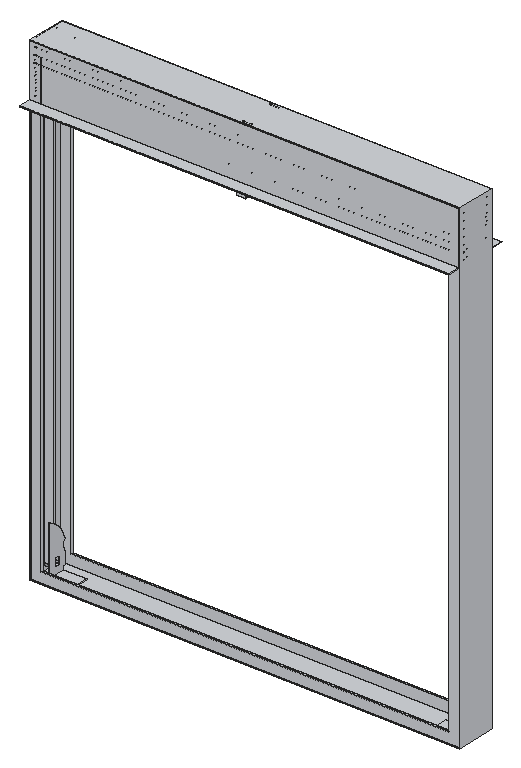
Revit family "FDD-BSL", category Mechanical Equipment, Revit 2015
Parameters
  URL = "https://unitedenertech.com/catalog/pdf/A-17%20%20FDD-BSL.pdf"
  Type Comments = "Max. Sizes are (Vertical 72\"w x 32\"h) (Horizontal 36\"w x 32\"h)"
  Model = "FDD-BSL"
  Manufacturer = "United Enertech Corporation"
  Keynote = "Vertical Mount Shown, Consult Factory for Horizontal Mount Models."
  Exact Width = 2' - 0"
  EFL Height [instance] = Blade Pair Number * 0' 0 13/32" + 0' 0 41/64"  # 0' - 3 31/64"
  Description = "Slimline Curtain Fire Damper for use in Dynamic or Static Systems"
  Depth [instance] = 0' - 2 3/16"
  Damper Height = 2' - 0"
  Blade Width [instance] = Exact Width - 0' 0 1/8"  # 1' - 11 7/8"
  Blade Pair Number [instance] = (Damper Height + (if(Damper Height < 1' 8 1/4", 0' 2", if(Damper Height < 2' 8 1/4", 0' 3", if(Damper Height < 3' 6 1/4", 0' 4", if(Damper Height < 4' 7 1/4", 0' 5", if(Damper Height < 5' 4 1/4", 0' 3", if(Damper Height < 7' 0 1/4", 0' 4", if(Damper Height < 9' 7 1/4", 0' 5", 0' 5"))))))))) / 0' 3 7/8"  # 7
  "B" [instance] = if(Damper Height < 1' 9 1/4", 0' 2", if(Damper Height < 2' 8 1/4", 0' 3", 0' 3"))  # 0' - 3"
Reference planes (in)
  plane 1 "Center (Front/Back)": y = 0
  plane 2: z = 0
  plane 3 "Center (Left/Right)": x = 0
  plane 4: x = -12
  plane 5: x = 12
  plane 6: y = 1.84375
  plane 7: y = -1.84375
  plane 8: z = 24
  plane 9: z = 27
  plane 10: y = 1.09375
  plane 11: y = -1.09375
  plane 12: y = 0.96875
  plane 13: y = -0.96875
  plane 14: z = 0.0359
  plane 15: z = 26.9641
  plane 16: x = -11.9641
  plane 17: x = 11.9641
  plane 18: x = -11.375
  plane 19: x = 11.375
  plane 20: z = 26.375
  plane 21: z = 0.625
  plane 22: z = 23.47973
  plane 23: x = 0.25
  plane 24: x = -0.25
  plane 25: z = 23.60473
Forms (in)
  Extrusion 1, solid
    sketch origin (0, 0, 0) x (1, 0, 0) y (0, 0, 1)
      loop
        line (-11.9641, 26.9641) -> (-11.9641, 0.0359) -> (11.9641, 0.0359) -> (11.9641, 26.9641) -> (-11.9641, 26.9641)
      loop
        line (-12, 27) -> (-12, 0) -> (12, 0) -> (12, 27) -> (-12, 27)
    from -1.09375 to 1.09375
  Extrusion 2, solid
    sketch origin (0, 0, 0) x (1, 0, 0) y (0, 0, 1)
      loop
        line (-11.375, 26.375) -> (-11.375, 0.625) -> (11.375, 0.625) -> (11.375, 26.375) -> (-11.375, 26.375)
      loop
        line (-11.9641, 26.9641) -> (-11.9641, 0.0359) -> (11.9641, 0.0359) -> (11.9641, 26.9641) -> (-11.9641, 26.9641)
    from -1.09375 to -0.96875
  Extrusion 3, solid
    sketch origin (0, 0, 0) x (1, 0, 0) y (0, 0, 1)
      loop
        line (-11.375, 26.375) -> (-11.375, 0.625) -> (11.375, 0.625) -> (11.375, 26.375) -> (-11.375, 26.375)
      loop
        line (-11.9641, 26.9641) -> (-11.9641, 0.0359) -> (11.9641, 0.0359) -> (11.9641, 26.9641) -> (-11.9641, 26.9641)
    from 0.96875 to 1.09375
  Extrusion 4, solid
    sketch origin (0, 0, 0) x (0, 1, 0) y (0, 0, 1)
      loop
        line (0.96875, 27) -> (0.93285, 27) -> (0.93285, 23.47973) -> (1.38285, 23.47973) -> (1.38285, 23.76098) -> (1.34695, 23.76098) -> (1.34695, 23.51563) -> (0.96875, 23.51563) -> (0.96875, 27)
    from -0.25 to 0.25
  Extrusion 5, solid
    sketch origin (0, 0, 0) x (0, -1, 0) y (0, 0, -1)
      loop
        line (0.96875, -27) -> (0.96875, -23.51563) -> (1.34695, -23.51563) -> (1.34695, -23.76098) -> (1.38285, -23.76098) -> (1.38285, -23.47973) -> (0.93285, -23.47973) -> (0.93285, -27) -> (0.96875, -27)
    from -0.25 to 0.25
  Extrusion 6, solid
    sketch origin (0, 0, 0) x (0, 1, 0) y (0, 0, 1)
      loop
        line (1.09375, 26.9641) -> (1.09375, 24) -> (1.84375, 24) -> (1.84375, 24.0359) -> (1.12965, 24.0359) -> (1.12965, 26.9641) -> (1.09375, 26.9641)
    from -11.9641 to 11.9641
  Extrusion 7, solid
    sketch origin (0, 0, 0) x (0, -1, 0) y (0, 0, -1)
      loop
        line (1.09375, -26.9641) -> (1.12965, -26.9641) -> (1.12965, -24.0359) -> (1.84375, -24.0359) -> (1.84375, -24) -> (1.09375, -24) -> (1.09375, -26.9641)
    from -11.9641 to 11.9641
  Extrusion 8, solid
    sketch origin (0, 0, 0) x (0, 1, 0) y (0, 0, 1)
      loop
        line (-0.18817, 0.46965) -> (-0.15227, 0.46965) -> (-0.15227, 23.60473) -> (-0.18817, 23.60473) -> (-0.18817, 0.46965)
    from 11.375 to 11.9641
  Extrusion 9, solid
    sketch origin (0, 0, 0) x (0, 1, 0) y (0, 0, 1)
      loop
        line (-0.18817, 0.46965) -> (-0.15227, 0.46965) -> (-0.15227, 23.60473) -> (-0.18817, 23.60473) -> (-0.18817, 0.46965)
    from -11.9641 to -11.375
  Extrusion 10, solid
    sketch origin (0, 0, 0) x (0, 1, 0) y (0, 0, 1)
      loop
        line (-0.18817, 23.60473) -> (-0.15227, 23.60473)
        arc (-0.15227, 23.60473) -> (-0.09849, 23.92053) -> (0.06331, 24.19703) r 0.89282
        line (0.06331, 24.19703) -> (0.0378, 24.22253)
        arc (0.0378, 24.22253) -> (-0.13046, 23.93385) -> (-0.18817, 23.60473) r 0.94852
    from 11.375 to 11.9641
  Extrusion 11, solid
    sketch origin (0, 0, 0) x (0, 1, 0) y (0, 0, 1)
      loop
        line (-0.18817, 23.60473) -> (-0.15227, 23.60473)
        arc (-0.15227, 23.60473) -> (-0.09849, 23.92053) -> (0.06331, 24.19703) r 0.89282
        line (0.06331, 24.19703) -> (0.0378, 24.22253)
        arc (0.0378, 24.22253) -> (-0.13046, 23.93385) -> (-0.18817, 23.60473) r 0.94852
    from -11.9641 to -11.375
Dimensions and locks (in)
  equal spacing: plane 4, plane 3 "Center (Left/Right)", plane 5
  "Exact Width": plane 4 to plane 5
  equal spacing: plane 6, plane 1 "Center (Front/Back)", plane 7
  "Damper Height": plane 8 to level
  ""B"": plane 9 to plane 8
  plane 11 to plane 10 = 0' - 2 3/16"
  locked: plane 11 to plane 13 at 0.125
  locked: plane 12 to plane 10 at 0.125
  plane 9 to level = 2' - 3"
  locked: plane 4 to plane 16 at 0.0359
  locked: plane 17 to plane 5 at 0.0359
  locked: plane 9 to plane 15 at 0.0359
  locked: plane 14 to level at 0.0359
  locked: plane 4 to plane 18 at 0.625
  locked: plane 5 to plane 19 at 0.625
  locked: plane 9 to plane 20 at 0.625
  locked: plane 21 to level at 0.625
  equal spacing: group 1, group 2, group 3, group 4, group 5, group 6, group 7  (x2)
  equal spacing: group 7, group 6, group 5, group 4, group 3, group 2, group 1
  locked: nested 1 to nested 2 at 0.40625
  "EFL Height": plane 15 to plane 22
  locked: plane 22 to plane 25 at 0.125
  "Depth": plane 11 to plane 10
  aligned and locked: level to plane 2
  aligned and locked: level to Extrusion 1 sketch curve
  aligned and locked: Extrusion 1 sketch curve to plane 4
  aligned and locked: Extrusion 1 sketch curve to plane 9
  aligned and locked: Extrusion 1 sketch curve to plane 5
  aligned and locked: plane 14 to Extrusion 1 sketch curve
  aligned and locked: Extrusion 1 sketch curve to plane 15
  aligned and locked: plane 17 to Extrusion 1 sketch curve
  aligned and locked: plane 16 to Extrusion 1 sketch curve
  aligned and locked: plane 14 to Extrusion 2 sketch curve
  aligned and locked: plane 16 to Extrusion 2 sketch curve
  aligned and locked: plane 17 to Extrusion 2 sketch curve
  aligned and locked: Extrusion 2 sketch curve to plane 15
  aligned and locked: Extrusion 2 sketch curve to plane 20
  aligned and locked: Extrusion 2 sketch curve to plane 19
  aligned and locked: Extrusion 2 sketch curve to plane 18
  aligned and locked: plane 21 to Extrusion 2 sketch curve
  aligned and locked: Extrusion 2 to plane 10
  aligned and locked: plane 12 to Extrusion 2
  aligned and locked: Extrusion 3 to plane 13
  aligned and locked: plane 11 to Extrusion 3
  aligned and locked: plane 3 "Center (Left/Right)" to nested 1
  aligned and locked: plane 15 to nested 1
  aligned and locked: Extrusion 4 to plane 24
  aligned and locked: Extrusion 4 to plane 23
  aligned and locked: plane 25 to nested 5
  aligned and locked: Extrusion 6 to plane 17
  aligned and locked: Extrusion 7 to plane 17
  aligned and locked: Extrusion 7 to plane 16
  aligned and locked: Extrusion 6 to plane 16
  aligned and locked: nested 6 to plane 16
  aligned and locked: plane 17 to nested 7
  aligned and locked: Extrusion 9 to plane 16
  aligned and locked: Extrusion 9 to plane 18
  aligned and locked: Extrusion 8 to plane 17
  aligned and locked: Extrusion 8 to plane 19
  aligned and locked: plane 25 to Extrusion 10 sketch curve
  aligned and locked: Extrusion 11 to plane 16
  aligned and locked: Extrusion 11 to plane 18
  aligned and locked: Extrusion 10 to plane 17
  aligned and locked: Extrusion 10 to plane 19
  aligned and locked: Extrusion 1 to plane 10
  aligned and locked: plane 11 to Extrusion 1
  aligned and locked: plane 6 to Extrusion 6
  aligned and locked: Extrusion 7 to plane 7
Automatic sketch dimensions
  Extrusion 3 sketch curve to plane 14 = 0' - 0"
  Extrusion 3 sketch curve to plane 16 = 0' - 0"
  plane 18 to Extrusion 3 sketch curve = 0' - 0"
  Extrusion 3 sketch curve to plane 19 = 0' - 0"
  plane 17 to Extrusion 3 sketch curve = 0' - 0"
  Extrusion 3 sketch curve to plane 21 = 0' - 0"
  Extrusion 3 sketch curve to plane 20 = 0' - 0"
  Extrusion 3 sketch curve to plane 15 = 0' - 0"
  Extrusion 4 sketch curve to plane 9 = 0' - 0"
  Extrusion 4 sketch curve to plane 22 = 0' - 0"
  Extrusion 4 sketch curve to plane 12 = 0' - 0"
  plane 12 to Extrusion 4 sketch curve = 0' - 0.0359"
  Extrusion 4 sketch curve to plane 10 = 0' - 0.2532"
  Extrusion 4 sketch curve to Extrusion 4 sketch curve = 0' - 0.0359"
  plane 22 to Extrusion 4 sketch curve = 0' - 0.0359"
  Extrusion 4 sketch curve to plane 25 = 0' - 0 5/32"
  Extrusion 5 sketch curve to plane 9 = 0' - 0"
  Extrusion 5 sketch curve to plane 22 = 0' - 0"
  Extrusion 5 sketch curve to plane 13 = 0' - 0"
  plane 13 to Extrusion 5 sketch curve = 0' - 0.0359"
  Extrusion 5 sketch curve to plane 11 = 0' - 0.2532"
  Extrusion 5 sketch curve to Extrusion 5 sketch curve = 0' - 0.0359"
  Extrusion 5 sketch curve to plane 22 = 0' - 0.0359"
  plane 25 to Extrusion 5 sketch curve = 0' - 0 5/32"
  Extrusion 6 sketch curve to plane 8 = 0' - 0"
  Extrusion 6 sketch curve to plane 10 = 0' - 0"
  Extrusion 6 sketch curve to plane 15 = 0' - 0"
  Extrusion 6 sketch curve to Extrusion 6 sketch curve = 0' - 0.0359"
  plane 8 to Extrusion 6 sketch curve = 0' - 0.0359"
  Extrusion 7 sketch curve to plane 8 = 0' - 0"
  Extrusion 7 sketch curve to plane 11 = 0' - 0"
  Extrusion 7 sketch curve to plane 15 = 0' - 0"
  Extrusion 7 sketch curve to Extrusion 7 sketch curve = 0' - 0.0359"  (x2)
  plane 25 to Extrusion 8 sketch curve = 0' - 0"
  plane 1 "Center (Front/Back)" to Extrusion 8 sketch curve = 0' - 0.18817"
  Extrusion 8 sketch curve to Extrusion 8 sketch curve = 0' - 0.0359"
  Extrusion 8 sketch curve to plane 21 = 0' - 0.15535"
  plane 25 to Extrusion 9 sketch curve = 0' - 0"
  plane 1 "Center (Front/Back)" to Extrusion 9 sketch curve = 0' - 0.18817"
  Extrusion 9 sketch curve to Extrusion 9 sketch curve = 0' - 0.0359"
  Extrusion 9 sketch curve to plane 21 = 0' - 0.15535"
  plane 1 "Center (Front/Back)" to Extrusion 10 sketch curve = 0' - 0.18817"
  Extrusion 10 sketch curve to Extrusion 10 sketch curve = 0' - 0.0359"
  Extrusion 10 sketch curve to plane 1 "Center (Front/Back)" = 0' - 0.0378"
  Extrusion 10 sketch curve to Extrusion 10 sketch curve = 0' - 0.0255"
  Extrusion 10 sketch curve to plane 25 = 0' - 0.01045"
  plane 12 to Extrusion 10 sketch curve = 0' - 0.22826"
  Extrusion 10 sketch curve to plane 25 = 0' - 0.00329"
  Extrusion 10 sketch curve to Extrusion 10 sketch curve = 0' - 0.01985"
  plane 25 to Extrusion 11 sketch curve = 0' - 0"
  plane 1 "Center (Front/Back)" to Extrusion 11 sketch curve = 0' - 0.18817"
  Extrusion 11 sketch curve to Extrusion 11 sketch curve = 0' - 0.0359"
  Extrusion 11 sketch curve to plane 1 "Center (Front/Back)" = 0' - 0.0378"
  Extrusion 11 sketch curve to Extrusion 11 sketch curve = 0' - 0.0255"
  Extrusion 11 sketch curve to plane 25 = 0' - 0.01045"
  plane 12 to Extrusion 11 sketch curve = 0' - 0.22826"
  Extrusion 11 sketch curve to plane 25 = 0' - 0.00329"
  Extrusion 11 sketch curve to Extrusion 11 sketch curve = 0' - 0.01985"
  plane 6 to Extrusion 6 sketch curve = 0' - 0"
  plane 7 to Extrusion 7 sketch curve = 0' - 0"
Nested families (in)
  nested 1: "FD-SALB BLADESEDITED" at (0, 1.1689, 26.12138), type "FD-SALB BLADESEDITED"
    with Blade Width 2' - 0"
  nested 2: "FD-SALB BLADESEDITED" at (0, 1.1689, 25.71513), type "FD-SALB BLADESEDITED"
    with Blade Width 2' - 0"
  nested 3: "FD-SALB BLADESEDITED" at (0, 1.1689, 25.30888), type "FD-SALB BLADESEDITED"
    with Blade Width 2' - 0"
  nested 4: "FD-SALB BLADESEDITED" at (0, 1.1689, 24.90263), type "FD-SALB BLADESEDITED"
    with Blade Width 2' - 0"
  nested 5: "EFL" at (4.62017, 3.53398, 23.60473), type "EFL"
  nested 6: "Fire Damper Spring" at (-11.41019, -4.48368, -2.82915) x (0, 1, 0) z (0, 0, 1), type "Fire Damper Spring"
  nested 7: "Fire Damper Spring" at (11.41019, -4.48368, -2.82915) x (0, 1, 0) z (0, 0, 1), type "Fire Damper Spring"
  nested 8: "FD-SALB BLADESEDITED" at (0, 1.1689, 24.49638), type "FD-SALB BLADESEDITED"
    with Blade Width 2' - 0"
  nested 9: "FD-SALB BLADESEDITED" at (0, 1.1689, 24.09013), type "FD-SALB BLADESEDITED"
    with Blade Width 2' - 0"
  nested 10: "FD-SALB BLADESEDITED" at (0, 1.1689, 23.68388), type "FD-SALB BLADESEDITED"
    with Blade Width 2' - 0"
Definition of nested family "FD-SALB BLADESEDITED"
  Parameters (values of type "FD-SALB BLADESEDITED")
    Blade Width = 1' - 11 7/8"
  Reference planes (in)
    plane 1 "Center (Front/Back)": y = 0
    plane 2: z = 0
    plane 3 "Center (Left/Right)": x = 0
    plane 4: x = -11.9375
    plane 5: x = 11.9375
  Forms (in)
    Extrusion 1, solid
      sketch origin (0, 0, 0) x (0, 1, 0) y (0, 0, 1)
        loop
          line (-0.31672, 0.53073) -> (-0.3446, 0.62657)
          arc (-0.3446, 0.62657) -> (-0.33726, 0.6415) -> (-0.32269, 0.63348) r 0.0115
          line (-0.32269, 0.63348) -> (-0.30545, 0.53536)
          arc (-0.30545, 0.53536) -> (-0.31611, 0.49773) -> (-0.35217, 0.48264) r 0.045
          line (-0.35217, 0.48264) -> (-0.39872, 0.48554)
          arc (-0.39872, 0.48554) -> (-0.42675, 0.49692) -> (-0.44125, 0.52348) r 0.045
          line (-0.44125, 0.52348) -> (-0.47071, 0.66865)
          arc (-0.47071, 0.66865) -> (-0.48965, 0.70349) -> (-0.5262, 0.7189) r 0.06
          line (-0.5262, 0.7189) -> (-1.55698, 0.78305) -> (-1.76244, 0.79584)
          arc (-1.76244, 0.79584) -> (-1.79846, 0.78683) -> (-1.82228, 0.75836) r 0.06
          line (-1.82228, 0.75836) -> (-1.88016, 0.61423)
          arc (-1.88016, 0.61423) -> (-1.90974, 0.57877) -> (-1.95445, 0.56733) r 0.075
          arc (-1.95445, 0.56733) -> (-2.03902, 0.60869) -> (-2.06957, 0.69773) r 0.123
          line (-2.06957, 0.69773) -> (-2.06418, 0.78456)
          arc (-2.06418, 0.78456) -> (-2.05371, 0.80551) -> (-2.03138, 0.81256) r 0.03
          line (-2.03138, 0.81256) -> (-1.90763, 0.80489) -> (-1.90763, 0.8362) -> (-2.01284, 0.84272) -> (-2.04641, 0.84272)
          arc (-2.04641, 0.84272) -> (-2.08042, 0.82292) -> (-2.09536, 0.7865) r 0.06125
          line (-2.09536, 0.7865) -> (-2.10077, 0.69966)
          arc (-2.10077, 0.69966) -> (-2.06244, 0.58801) -> (-1.95639, 0.53614) r 0.15425
          arc (-1.95639, 0.53614) -> (-1.89306, 0.55235) -> (-1.8512, 0.60257) r 0.10625
          line (-1.8512, 0.60257) -> (-1.7933, 0.74674)
          arc (-1.7933, 0.74674) -> (-1.78183, 0.76038) -> (-1.76452, 0.76466) r 0.02875
          line (-1.76452, 0.76466) -> (-1.55892, 0.75186) -> (-0.52813, 0.68773)
          arc (-0.52813, 0.68773) -> (-0.51045, 0.68016) -> (-0.50148, 0.66314) r 0.02875
          line (-0.50148, 0.66314) -> (-0.47199, 0.51784)
          arc (-0.47199, 0.51784) -> (-0.4474, 0.47346) -> (-0.4004, 0.45434) r 0.07625
          line (-0.4004, 0.45434) -> (-0.35398, 0.45144)
          arc (-0.35398, 0.45144) -> (-0.29278, 0.47694) -> (-0.27468, 0.54073) r 0.07625
          line (-0.27468, 0.54073) -> (-0.29191, 0.63889)
          arc (-0.29191, 0.63889) -> (-0.33988, 0.67434) -> (-0.37768, 0.6282) r 0.04327
          line (-0.37768, 0.6282) -> (-0.34677, 0.52199) -> (-0.31672, 0.53073)
      from -11.9375 to 11.9375
    Extrusion 2, solid
      sketch origin (0, 0, 0) x (0, 1, 0) y (0, 0, 1)
        loop
          arc (-0.31635, 0.67497) -> (-0.29361, 0.66856) -> (-0.28256, 0.64768) r 0.03
          line (-0.28256, 0.64768) -> (-0.2714, 0.56286)
          arc (-0.2714, 0.56286) -> (-0.29582, 0.47194) -> (-0.37737, 0.42491) r 0.123
          arc (-0.37737, 0.42491) -> (-0.42275, 0.43328) -> (-0.45469, 0.46664) r 0.075
          line (-0.45469, 0.46664) -> (-0.52225, 0.60648)
          arc (-0.52225, 0.60648) -> (-0.54755, 0.63305) -> (-0.58358, 0.63992) r 0.06
          line (-0.58358, 0.63992) -> (-0.78858, 0.61304) -> (-1.81262, 0.47877)
          arc (-1.81262, 0.47877) -> (-1.84723, 0.46173) -> (-1.86432, 0.42714) r 0.06
          line (-1.86432, 0.42714) -> (-1.88437, 0.27537)
          arc (-1.88437, 0.27537) -> (-1.89734, 0.2499) -> (-1.92301, 0.23735) r 0.045
          line (-1.92301, 0.23735) -> (-1.96868, 0.2314)
          arc (-1.96868, 0.2314) -> (-2.00696, 0.24361) -> (-2.02023, 0.28153) r 0.045
          line (-2.02023, 0.28153) -> (-2.00995, 0.379)
          arc (-2.00995, 0.379) -> (-1.99657, 0.38882) -> (-1.98728, 0.37505) r 0.0115
          line (-1.98728, 0.37505) -> (-2.00879, 0.27676) -> (-1.97772, 0.26996) -> (-1.95543, 0.37179)
          arc (-1.95543, 0.37179) -> (-1.99381, 0.41919) -> (-2.04121, 0.38081) r 0.04313
          line (-2.04121, 0.38081) -> (-2.05127, 0.28509)
          arc (-2.05127, 0.28509) -> (-2.02877, 0.22122) -> (-1.96431, 0.20045) r 0.07625
          line (-1.96431, 0.20045) -> (-1.91897, 0.20638)
          arc (-1.91897, 0.20638) -> (-1.87533, 0.22771) -> (-1.85342, 0.27106) r 0.07625
          line (-1.85342, 0.27106) -> (-1.83333, 0.42305)
          arc (-1.83333, 0.42305) -> (-1.82514, 0.43962) -> (-1.80853, 0.44779) r 0.02875
          line (-1.80853, 0.44779) -> (-0.78452, 0.58205) -> (-0.57967, 0.60892)
          arc (-0.57967, 0.60892) -> (-0.56246, 0.60559) -> (-0.55039, 0.5929) r 0.02875
          line (-0.55039, 0.5929) -> (-0.48278, 0.45303)
          arc (-0.48278, 0.45303) -> (-0.4376, 0.40578) -> (-0.37331, 0.39393) r 0.10625
          arc (-0.37331, 0.39393) -> (-0.27103, 0.4529) -> (-0.24041, 0.56695) r 0.15425
          line (-0.24041, 0.56695) -> (-0.2515, 0.65113)
          arc (-0.2515, 0.65113) -> (-0.27433, 0.69316) -> (-0.32041, 0.70596) r 0.06125
          line (-0.32041, 0.70596) -> (-0.44437, 0.68971) -> (-0.44031, 0.65872) -> (-0.31635, 0.67497)
      from -11.9375 to 11.9375
  Dimensions and locks (in)
    equal spacing: plane 4, plane 3 "Center (Left/Right)", plane 5
    "Blade Width": plane 4 to plane 5
    aligned and locked: level to plane 2
    aligned and locked: plane 4 to Extrusion 1
    aligned and locked: plane 4 to Extrusion 2
    aligned and locked: plane 5 to Extrusion 1
    aligned and locked: plane 5 to Extrusion 2
  Automatic sketch dimensions
    Extrusion 2 sketch curve to Extrusion 2 sketch curve = 0' - 0"  (x35)
    level to Extrusion 2 sketch curve = 0' - 0.28509"
    plane 1 "Center (Front/Back)" to Extrusion 2 sketch curve = 0' - 2.05127"
    level to Extrusion 2 sketch curve = 0' - 0.38081"
    Extrusion 2 sketch curve to Extrusion 2 sketch curve = 0' - 0.01006"
    level to Extrusion 2 sketch curve = 0' - 0.28153"
    Extrusion 2 sketch curve to Extrusion 2 sketch curve = 0' - 0.03105"
    level to Extrusion 2 sketch curve = 0' - 0.27676"
    Extrusion 2 sketch curve to Extrusion 2 sketch curve = 0' - 0.01143"  (x2)
    Extrusion 2 sketch curve to Extrusion 2 sketch curve = 0' - 0.04266"
    Extrusion 2 sketch curve to Extrusion 2 sketch curve = 0' - 0.00023"
    level to Extrusion 2 sketch curve = 0' - 0.26996"
    Extrusion 2 sketch curve to Extrusion 2 sketch curve = 0' - 0.03107"
    Extrusion 2 sketch curve to Extrusion 2 sketch curve = 0' - 0.00213"
    level to Extrusion 2 sketch curve = 0' - 0.2314"
    Extrusion 2 sketch curve to Extrusion 2 sketch curve = 0' - 0.00904"
    level to Extrusion 2 sketch curve = 0' - 0.20045"
    level to Extrusion 2 sketch curve = 0' - 0.37179"
    Extrusion 2 sketch curve to Extrusion 2 sketch curve = 0' - 0.0467"
    level to Extrusion 2 sketch curve = 0' - 0.27537"
    Extrusion 2 sketch curve to Extrusion 2 sketch curve = 0' - 0.04451"
    level to Extrusion 2 sketch curve = 0' - 0.27106"
    Extrusion 2 sketch curve to Extrusion 2 sketch curve = 0' - 0.03095"
    Extrusion 2 sketch curve to Extrusion 2 sketch curve = 0' - 0.0486"
    plane 1 "Center (Front/Back)" to Extrusion 2 sketch curve = 0' - 0.78452"
    Extrusion 2 sketch curve to Extrusion 2 sketch curve = 0' - 0.20094"
    Extrusion 2 sketch curve to Extrusion 2 sketch curve = 0' - 0 1/256"  (x2)
    Extrusion 2 sketch curve to Extrusion 2 sketch curve = 0' - 0.0034"
    Extrusion 2 sketch curve to Extrusion 2 sketch curve = 0' - 0.13921"
    Extrusion 2 sketch curve to Extrusion 2 sketch curve = 0' - 0.00406"  (x3)
    Extrusion 2 sketch curve to Extrusion 2 sketch curve = 0' - 0.04695"
    Extrusion 2 sketch curve to Extrusion 2 sketch curve = 0' - 0.00624"
    Extrusion 2 sketch curve to Extrusion 2 sketch curve = 0' - 0.0809"
    Extrusion 2 sketch curve to Extrusion 2 sketch curve = 0' - 0.0299"
    Extrusion 2 sketch curve to Extrusion 2 sketch curve = 0' - 0.03106"
    Extrusion 2 sketch curve to Extrusion 2 sketch curve = 0' - 0.00661"
    Extrusion 2 sketch curve to Extrusion 2 sketch curve = 0' - 0.00119"
    Extrusion 2 sketch curve to Extrusion 2 sketch curve = 0' - 0.14822"
    level to Extrusion 2 sketch curve = 0' - 0.49927"
    Extrusion 2 sketch curve to Extrusion 2 sketch curve = 0' - 0.04759"
    Extrusion 2 sketch curve to Extrusion 2 sketch curve = 0' - 0.0335"
    Extrusion 2 sketch curve to Extrusion 2 sketch curve = 0' - 0.00168"
    Extrusion 2 sketch curve to Extrusion 2 sketch curve = 0' - 0.02855"
    Extrusion 2 sketch curve to Extrusion 2 sketch curve = 0' - 0.031"
    Extrusion 2 sketch curve to Extrusion 2 sketch curve = 0' - 0.09835"
    Extrusion 2 sketch curve to Extrusion 2 sketch curve = 0' - 0.00246"
    Extrusion 2 sketch curve to Extrusion 2 sketch curve = 0' - 0.00345"
    Extrusion 2 sketch curve to Extrusion 2 sketch curve = 0' - 0.11186"
    Extrusion 2 sketch curve to Extrusion 2 sketch curve = 0' - 0.03098"  (x3)
    level to Extrusion 2 sketch curve = 0' - 0.37898"
    Extrusion 2 sketch curve to Extrusion 2 sketch curve = 0' - 0.00003"  (x4)
    Extrusion 2 sketch curve to Extrusion 2 sketch curve = 0' - 0.01101"
    level to Extrusion 2 sketch curve = 0' - 0.37505"
    Extrusion 2 sketch curve to Extrusion 2 sketch curve = 0' - 0.00585"
    level to Extrusion 2 sketch curve = 0' - 0.23735"
    Extrusion 2 sketch curve to Extrusion 2 sketch curve = 0' - 0.00404"
    level to Extrusion 2 sketch curve = 0' - 0.20636"
    level to Extrusion 2 sketch curve = 0' - 0.42714"
    Extrusion 2 sketch curve to Extrusion 2 sketch curve = 0' - 0.0595"
    level to Extrusion 2 sketch curve = 0' - 0.42305"
    Extrusion 2 sketch curve to Extrusion 2 sketch curve = 0' - 0.02852"
    Extrusion 2 sketch curve to Extrusion 2 sketch curve = 0' - 0.0207"
    level to Extrusion 2 sketch curve = 0' - 0.47878"
    Extrusion 2 sketch curve to Extrusion 2 sketch curve = 0' - 0.00374"
    level to Extrusion 2 sketch curve = 0' - 0.44779"
    Extrusion 2 sketch curve to Extrusion 2 sketch curve = 0' - 0.02588"
    Extrusion 2 sketch curve to Extrusion 2 sketch curve = 0' - 0.02814"
    Extrusion 2 sketch curve to Extrusion 2 sketch curve = 0' - 0.0957"
    Extrusion 2 sketch curve to Extrusion 2 sketch curve = 0' - 0.00004"  (x2)
    Extrusion 2 sketch curve to Extrusion 2 sketch curve = 0' - 0.02809"
    Extrusion 2 sketch curve to Extrusion 2 sketch curve = 0' - 0.00975"
    Extrusion 2 sketch curve to Extrusion 2 sketch curve = 0' - 0.00796"
    Extrusion 2 sketch curve to Extrusion 2 sketch curve = 0' - 0.01116"
    Extrusion 2 sketch curve to Extrusion 2 sketch curve = 0' - 0.00002"
    Extrusion 1 sketch curve to Extrusion 1 sketch curve = 0' - 0"  (x30)
    level to Extrusion 1 sketch curve = 0' - 0.7827"
    plane 1 "Center (Front/Back)" to Extrusion 1 sketch curve = 0' - 2.03423"
    Extrusion 1 sketch curve to Extrusion 1 sketch curve = 0' - 0.00284"
    Extrusion 1 sketch curve to Extrusion 1 sketch curve = 0' - 0.01854"
    Extrusion 1 sketch curve to Extrusion 1 sketch curve = 0' - 0.08443"
    Extrusion 1 sketch curve to Extrusion 1 sketch curve = 0' - 0.00298"
    Extrusion 1 sketch curve to Extrusion 1 sketch curve = 0' - 0.03918"
    Extrusion 1 sketch curve to Extrusion 1 sketch curve = 0' - 0.14102"
    level to Extrusion 1 sketch curve = 0' - 0.76466"
    Extrusion 1 sketch curve to Extrusion 1 sketch curve = 0' - 0.00209"
    level to Extrusion 1 sketch curve = 0' - 0.79584"
    Extrusion 1 sketch curve to Extrusion 1 sketch curve = 0' - 0.00208"  (x2)
    level to Extrusion 1 sketch curve = 0' - 0.75186"
    Extrusion 1 sketch curve to Extrusion 1 sketch curve = 0' - 0.2056"
    Extrusion 1 sketch curve to Extrusion 1 sketch curve = 0' - 0.00194"  (x2)
    plane 1 "Center (Front/Back)" to Extrusion 1 sketch curve = 0' - 0.52993"
    Extrusion 1 sketch curve to Extrusion 1 sketch curve = 0' - 0.02845"
    Extrusion 1 sketch curve to Extrusion 1 sketch curve = 0' - 0.02949"
    Extrusion 1 sketch curve to Extrusion 1 sketch curve = 0' - 0.03077"  (x2)
    Extrusion 1 sketch curve to Extrusion 1 sketch curve = 0' - 0.03074"
    Extrusion 1 sketch curve to Extrusion 1 sketch curve = 0' - 0.04085"
    Extrusion 1 sketch curve to Extrusion 1 sketch curve = 0' - 0.00168"
    Extrusion 1 sketch curve to Extrusion 1 sketch curve = 0' - 0.04445"
    Extrusion 1 sketch curve to Extrusion 1 sketch curve = 0' - 0.01912"
    Extrusion 1 sketch curve to Extrusion 1 sketch curve = 0' - 0.04641"
    Extrusion 1 sketch curve to Extrusion 1 sketch curve = 0' - 0.00182"
    Extrusion 1 sketch curve to Extrusion 1 sketch curve = 0' - 0.00238"
    Extrusion 1 sketch curve to Extrusion 1 sketch curve = 0' - 0.00302"
    Extrusion 1 sketch curve to Extrusion 1 sketch curve = 0' - 0.03307"
    Extrusion 1 sketch curve to Extrusion 1 sketch curve = 0' - 0.01008"
    Extrusion 1 sketch curve to Extrusion 1 sketch curve = 0' - 0.00072"
    Extrusion 1 sketch curve to Extrusion 1 sketch curve = 0' - 0.01112"
    Extrusion 1 sketch curve to Extrusion 1 sketch curve = 0' - 0.03006"
    Extrusion 1 sketch curve to Extrusion 1 sketch curve = 0' - 0.03078"
    Extrusion 1 sketch curve to Extrusion 1 sketch curve = 0' - 0.02867"
    Extrusion 1 sketch curve to Extrusion 1 sketch curve = 0' - 0.09261"
    level to Extrusion 1 sketch curve = 0' - 0.66865"
    Extrusion 1 sketch curve to Extrusion 1 sketch curve = 0' - 0.00551"
    Extrusion 1 sketch curve to Extrusion 1 sketch curve = 0' - 0.00412"
    Extrusion 1 sketch curve to Extrusion 1 sketch curve = 0' - 0.04791"
    Extrusion 1 sketch curve to Extrusion 1 sketch curve = 0' - 0.02976"
    Extrusion 1 sketch curve to Extrusion 1 sketch curve = 0' - 0.00541"
    Extrusion 1 sketch curve to Extrusion 1 sketch curve = 0' - 0.00087"
    Extrusion 1 sketch curve to Extrusion 1 sketch curve = 0' - 0.00852"
    Extrusion 1 sketch curve to Extrusion 1 sketch curve = 0' - 0.00559"
    Extrusion 1 sketch curve to Extrusion 1 sketch curve = 0' - 0.00702"
    Extrusion 1 sketch curve to Extrusion 1 sketch curve = 0' - 0.00564"
    Extrusion 1 sketch curve to Extrusion 1 sketch curve = 0' - 0.03935"
    Extrusion 1 sketch curve to Extrusion 1 sketch curve = 0' - 0.0312"
    Extrusion 1 sketch curve to Extrusion 1 sketch curve = 0' - 0.03119"
    Extrusion 1 sketch curve to Extrusion 1 sketch curve = 0' - 0.1148"
    Extrusion 1 sketch curve to Extrusion 1 sketch curve = 0' - 0.03131"
    Extrusion 1 sketch curve to Extrusion 1 sketch curve = 0' - 0.02994"
    level to Extrusion 1 sketch curve = 0' - 0.78456"
    Extrusion 1 sketch curve to Extrusion 1 sketch curve = 0' - 0.00539"
    level to Extrusion 1 sketch curve = 0' - 0.69772"
    Extrusion 1 sketch curve to Extrusion 1 sketch curve = 0' - 0.03117"
    Extrusion 1 sketch curve to Extrusion 1 sketch curve = 0' - 0.03118"
    level to Extrusion 1 sketch curve = 0' - 0.69966"
    Extrusion 1 sketch curve to Extrusion 1 sketch curve = 0' - 0.03357"
    Extrusion 1 sketch curve to Extrusion 1 sketch curve = 0' - 0.0066"
    Extrusion 1 sketch curve to Extrusion 1 sketch curve = 0' - 0.06959"
    level to Extrusion 1 sketch curve = 0' - 0.61423"
    Extrusion 1 sketch curve to Extrusion 1 sketch curve = 0' - 0.00004"  (x2)
    Extrusion 1 sketch curve to Extrusion 1 sketch curve = 0' - 0.02896"
    level to Extrusion 1 sketch curve = 0' - 0.60259"
    level to Extrusion 1 sketch curve = 0' - 0.75838"
    Extrusion 1 sketch curve to Extrusion 1 sketch curve = 0' - 0.05778"
    level to Extrusion 1 sketch curve = 0' - 0.74674"
    Extrusion 1 sketch curve to Extrusion 1 sketch curve = 0' - 0.02669"
    Extrusion 1 sketch curve to Extrusion 1 sketch curve = 0' - 0.00179"
    Extrusion 1 sketch curve to Extrusion 1 sketch curve = 0' - 0.00193"
    Extrusion 1 sketch curve to Extrusion 1 sketch curve = 0' - 0.01125"
    Extrusion 1 sketch curve to Extrusion 1 sketch curve = 0' - 0.00003"
    Extrusion 1 sketch curve to Extrusion 1 sketch curve = 0' - 0.05622"
    Extrusion 1 sketch curve to Extrusion 1 sketch curve = 0' - 0.03016"
Definition of nested family "EFL"
  Reference planes (in)
    plane 1 "Center (Front/Back)": y = 0
    plane 2: z = 0
    plane 3 "Center (Left/Right)": x = 0
  Forms (in)
    Extrusion 1, solid
      sketch origin (0, 0, 0) x (1, 0, 0) y (0, 1, 0)
        loop
          arc (-4.87017, -4.05324) -> (-4.81525, -4.18582) -> (-4.68267, -4.24074) r 0.1875
          line (-4.68267, -4.24074) -> (-4.55767, -4.24074)
          arc (-4.55767, -4.24074) -> (-4.42508, -4.18582) -> (-4.37017, -4.05324) r 0.1875
          line (-4.37017, -4.05324) -> (-4.37017, -3.41574) -> (-4.87017, -3.41574) -> (-4.87017, -4.05324)
        loop
          circle (-4.62017, -4.05324) r 0.0625
      from 0.1 to 0.05
    Extrusion 2, solid
      sketch origin (-9.24033, -7.08147, 0) x (-1, 0, 0) y (0, -1, 0)
        loop
          arc (-4.87017, -4.05324) -> (-4.81525, -4.18582) -> (-4.68267, -4.24074) r 0.1875
          line (-4.68267, -4.24074) -> (-4.55767, -4.24074)
          arc (-4.55767, -4.24074) -> (-4.42508, -4.18582) -> (-4.37017, -4.05324) r 0.1875
          line (-4.37017, -4.05324) -> (-4.37017, -3.41574) -> (-4.87017, -3.41574) -> (-4.87017, -4.05324)
        loop
          circle (-4.62017, -4.05324) r 0.0625
      from 0 to 0.05
    Sweep 3, solid
      path in 3D
        loop
          line (-4.62017, -4.16421, 0) -> (-4.62017, -4.22608, 0)
          arc (-4.62017, -4.22608, 0) -> (-4.65678, -4.31447, 0) -> (-4.74517, -4.35108, 0) r 0.125
          line (-4.74517, -4.35108, 0) -> (-4.92568, -4.35108, 0)
          arc (-4.92568, -4.35108, 0) -> (-5.02859, -4.454, 0) -> (-4.92568, -4.55691, 0) r 0.10291
          line (-4.92568, -4.55691, 0) -> (-4.62017, -4.55691, 0) -> (-4.31465, -4.55691, 0)
          arc (-4.31465, -4.55691, 0) -> (-4.21174, -4.454, 0) -> (-4.31465, -4.35108, 0) r 0.10291
          line (-4.31465, -4.35108, 0) -> (-4.58427, -4.35108, 0)
      profile origin (-4.62017, -4.19515, 0) x (1, 0, 0) y (0, 0, 1)
        loop
          circle (0, 0) r 0.03202
    Sweep 4, solid
      path in 3D
        loop
          line (-4.62017, -4.283, 0.1526) -> (-4.62017, -4.12297, 0.1526)
          arc (-4.62017, -4.12297, 0.1526) -> (-4.62017, -4.04635, 0.07598) -> (-4.62017, -4.12297, -0.00063) r 0.07662
          line (-4.62017, -4.12297, -0.00063) -> (-4.62017, -4.16421, -0.00063)
      profile origin (-4.62017, -4.14359, -0.00063) x (0, 0, -1) y (1, 0, 0)
        loop
          circle (0, 0) r 0.03138
    Sweep 5, solid
      path in 3D
        loop
          line (-4.62017, -2.91726, 0) -> (-4.62017, -2.85539, 0)
          arc (-4.62017, -2.85539, 0) -> (-4.65678, -2.767, 0) -> (-4.74517, -2.73039, 0) r 0.125
          line (-4.74517, -2.73039, 0) -> (-4.92568, -2.73039, 0)
          arc (-4.92568, -2.73039, 0) -> (-5.02859, -2.62747, 0) -> (-4.92568, -2.52456, 0) r 0.10291
          line (-4.92568, -2.52456, 0) -> (-4.62017, -2.52456, 0) -> (-4.31465, -2.52456, 0)
          arc (-4.31465, -2.52456, 0) -> (-4.21174, -2.62747, 0) -> (-4.31465, -2.73039, 0) r 0.10291
          line (-4.31465, -2.73039, 0) -> (-4.58427, -2.73039, 0)
      profile origin (-4.62017, -2.88633, 0) x (-1, 0, 0) y (0, 0, 1)
        loop
          circle (0, 0) r 0.03202
    Sweep 6, solid
      path in 3D
        loop
          line (-4.62017, -2.79848, 0.1526) -> (-4.62017, -2.95851, 0.1526)
          arc (-4.62017, -2.95851, 0.1526) -> (-4.62017, -3.03512, 0.07598) -> (-4.62017, -2.95851, -0.00063) r 0.07662
          line (-4.62017, -2.95851, -0.00063) -> (-4.62017, -2.91726, -0.00063)
      profile origin (-4.62017, -2.93788, -0.00063) x (0, 0, 1) y (1, 0, 0)
        loop
          circle (0, 0) r 0.03138
  Lines and regions (in)
    sketch lines
      curve 1: line (-4.62017, -4.16421, 0) -> (-4.62017, -4.22608, 0)
      curve 2: arc (-4.74517, -4.35108, 0) -> (-4.65678, -4.31447, 0) -> (-4.62017, -4.22608, 0) r 0.125
      curve 3: line (-4.74517, -4.35108, 0) -> (-4.92568, -4.35108, 0)
      curve 4: arc (-4.92568, -4.35108, 0) -> (-5.02859, -4.454, 0) -> (-4.92568, -4.55691, 0) r 0.10291
      curve 5: line (-4.62017, -4.55691, 0) -> (-4.92568, -4.55691, 0)
      curve 6: line (-4.62017, -4.55691, 0) -> (-4.31465, -4.55691, 0)
      curve 7: arc (-4.31465, -4.55691, 0) -> (-4.21174, -4.454, 0) -> (-4.31465, -4.35108, 0) r 0.10291
      curve 8: line (-4.58427, -4.35108, 0) -> (-4.31465, -4.35108, 0)
      curve 9: line (-4.62017, -4.12297, -0.00063) -> (-4.62017, -4.16421, -0.00063)
      curve 10: arc (-4.62017, -4.12297, -0.00063) -> (-4.62017, -4.04635, 0.07598) -> (-4.62017, -4.12297, 0.1526) r 0.07662
      curve 11: line (-4.62017, -4.12297, 0.1526) -> (-4.62017, -4.283, 0.1526)
      curve 12: line (-4.62017, -2.91726, 0) -> (-4.62017, -2.85539, 0)
      curve 13: arc (-4.74517, -2.73039, 0) -> (-4.65678, -2.767, 0) -> (-4.62017, -2.85539, 0) r 0.125
      curve 14: line (-4.74517, -2.73039, 0) -> (-4.92568, -2.73039, 0)
      curve 15: arc (-4.92568, -2.73039, 0) -> (-5.02859, -2.62747, 0) -> (-4.92568, -2.52456, 0) r 0.10291
      curve 16: line (-4.62017, -2.52456, 0) -> (-4.92568, -2.52456, 0)
      curve 17: line (-4.62017, -2.52456, 0) -> (-4.31465, -2.52456, 0)
      curve 18: arc (-4.31465, -2.52456, 0) -> (-4.21174, -2.62747, 0) -> (-4.31465, -2.73039, 0) r 0.10291
      curve 19: line (-4.58427, -2.73039, 0) -> (-4.31465, -2.73039, 0)
      curve 20: line (-4.62017, -2.95851, -0.00063) -> (-4.62017, -2.91726, -0.00063)
      curve 21: arc (-4.62017, -2.95851, -0.00063) -> (-4.62017, -3.03512, 0.07598) -> (-4.62017, -2.95851, 0.1526) r 0.07662
      curve 22: line (-4.62017, -2.95851, 0.1526) -> (-4.62017, -2.79848, 0.1526)
  Dimensions and locks (in)
    aligned and locked: level to plane 2
Definition of nested family "Fire Damper Spring"
  Reference planes (in)
    plane 1 "Center (Front/Back)": y = 0
    plane 2: z = 0
    plane 3 "Center (Left/Right)": x = 0
  Forms (in)
    Extrusion 1, solid
      sketch origin (-1.85058, 0, 0) x (1, 0, 0) y (0, 0, 1)
        loop
          line (5.83358, 5.61505) -> (5.83358, 2.86505) -> (6.70858, 2.86505) -> (6.70858, 3.11505) -> (6.83358, 3.11505) -> (6.83358, 3.74645) -> (6.70858, 4.08156) -> (6.70858, 4.28395) -> (6.83358, 4.40895)
          arc (6.83358, 4.40895) -> (6.47375, 5.12822) -> (5.83358, 5.61505) r 1.77618
        loop
          line (6.15858, 3.72986) -> (6.15858, 3.22986) -> (6.50858, 3.22986) -> (6.50858, 3.72986) -> (6.15858, 3.72986)
      from 0 to 0.06
    Extrusion 2, solid
      sketch origin (0, 0, 0) x (1, 0, 0) y (0, 0, 1)
        loop
          line (3.983, 2.86505) -> (4.858, 2.86505) -> (4.858, 2.92505) -> (3.983, 2.92505) -> (3.983, 2.86505)
      from 0.06 to 1.375
    Extrusion 3, solid
      sketch origin (-1.27452, 0, -0.02337) x (1, 0, 0) y (0, 0, 1)
        loop
          circle (5.75753, 3.32218) r 0.1875
        loop
          circle (5.75753, 3.32218) r 0.16
      from 0 to -0.5
    Extrusion 4, solid
      sketch origin (0, 0, 0) x (1, 0, 0) y (0, 0, 1)
        loop
          line (4.38792, 3.22986) -> (4.38792, 3.16986) -> (4.57943, 3.16986) -> (4.57943, 3.22986) -> (4.38792, 3.22986)
      from 0 to -0.55391
  Dimensions and locks (in)
    aligned and locked: level to plane 2
